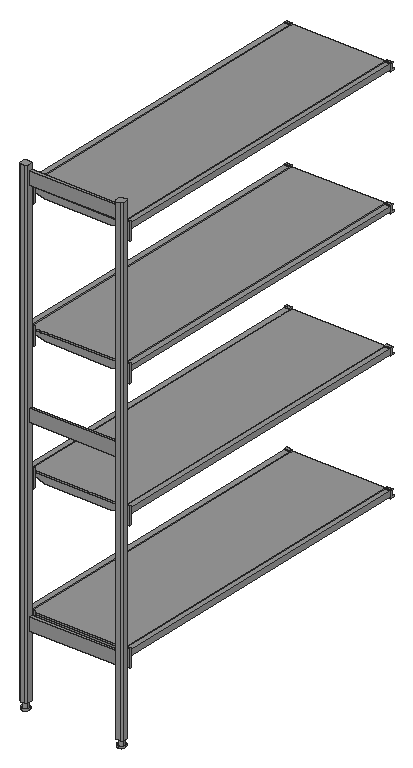
Revit family "QF_ZANUSSI_137055_ACS1184", category Attrezzature speciali, Revit 2020
Family settings
  Quota connettore circolare = Usa diametro
  Tipo di parte = Normale
  Basato su piano di lavoro = No
  Sempre verticale = Sì
  Taglio con vuoti quando caricato = No
  Condiviso = No
  Punto di calcolo locali = No
Parameters (values of type "Standard")
  Weight = 19.00 kg
  Watts = 0 W
  Volts = 0 V
  URL Manufacturer = "http://www.zanussiprofessional.com"
  URL = "http://www.zanussiprofessional.com"
  Steam Supply Size = 0 mm
  Steam Supply Minimum Pressure = 0.0 Pa
  Steam Supply Maximum Pressure = 0.0 Pa
  Steam Consumption per Hour = 0
  Refrigeration Suction Line Size = 0.0 mm
  Refrigeration Liquid Line Size = 0.0 mm
  Refrigerant Compressor Remote = yes
  Prospetto di default = 0.0 mm
  Phase = 0
  Modello = "ACS1184"
  Produttore = "Zanussi"
  Length Actual = 1188.0 mm  # constant formula
  Item Number = "137055"
  Hot Water Size = 0 mm
  Height Actual = 1700.0 mm  # constant formula
  HP = "0 HP"
  Gas Size = 0 mm
  Gas KW = 0
  Gas Input Pressure = 0 W
  Direct Waste Size = 0 mm
  Descrizione = "ALUM.CORNER SHELV.-POLY.TIERS-373X1188MM"
  Depth Actual = 373.0 mm  # constant formula
  Cycle = 0 Hz
  Condensate Return Size = 0 mm
  Compressed Air Volume = 0.0 L/s
  Compressed Air Size = 0 mm
  Compressed Air Pressure = 0.0 Pa
  Cold Water Size = 0 mm
  Accessory = yes
Reference planes
  plane 1: z = 0
  plane 2 "Center (F/B)": y = -163.5
  plane 3 "Front": y = -549.5
  plane 4 "Left": x = -217.5
  plane 5 "Right": x = 155.5
  plane 6 "TOP": z = 1700
  plane 7: y = -517.5
  plane 8: y = 634.5
  plane 9 "Center (Left/Right)": x = -31
  plane 10: y = 629.5
  plane 11: x = -186
  plane 12: x = 124
  plane 13 "FEET": z = 25
  plane 14: z = 275
  plane 15: z = 725
  plane 16: z = 1175
  plane 17: z = 1625
  plane 18 "CXLeft": y = -535.5
  plane 19: x = -200
  plane 20 "CYBack": x = -200
  plane 21 "CYFront": x = 138
  plane 22 "Back": y = 638.5
  plane 23 "LEFT_ORIGIN": x = -251.5
  plane 24 "BACK_Origin": y = 1011.5
Forms (mm)
  Extrusion 1, solid, material "QF_Aluminum"
    sketch origin (0, -549.5, 0) x (-1, 0, 0) y (0, 0, 1)
      loop
        line (198.5, 1650.994) -> (198.5, 1632.998) -> (217.5, 1632.998) -> (217.5, 1650.994) -> (198.5, 1650.994)
      loop
        line (-136.5, 1650.994) -> (-155.5, 1650.994) -> (-155.5, 1632.998) -> (-136.5, 1632.998) -> (-136.5, 1650.994)
      loop
        line (198.5, 1200.994) -> (198.5, 1182.998) -> (217.5, 1182.998) -> (217.5, 1200.994) -> (198.5, 1200.994)
      loop
        line (-136.5, 1200.994) -> (-155.5, 1200.994) -> (-155.5, 1182.998) -> (-136.5, 1182.998) -> (-136.5, 1200.994)
      loop
        line (198.5, 750.994) -> (198.5, 732.998) -> (217.5, 732.998) -> (217.5, 750.994) -> (198.5, 750.994)
      loop
        line (-136.5, 750.994) -> (-155.5, 750.994) -> (-155.5, 732.998) -> (-136.5, 732.998) -> (-136.5, 750.994)
      loop
        line (198.5, 300.994) -> (198.5, 282.998) -> (217.5, 282.998) -> (217.5, 300.994) -> (198.5, 300.994)
      loop
        line (-136.5, 300.994) -> (-155.5, 300.994) -> (-155.5, 282.998) -> (-136.5, 282.998) -> (-136.5, 300.994)
    from 32 to 1184
  Extrusion 2, solid, material "QF_Polyethylene"
    sketch origin (0, -549.5, 0) x (-1, 0, 0) y (0, 0, 1)
      loop
        line (196.507, 1650.994) -> (-134.5, 1650.994) -> (-134.5, 1644.496) -> (196.507, 1644.496) -> (196.507, 1650.994)
      loop
        line (196.507, 1200.994) -> (-134.5, 1200.994) -> (-134.5, 1194.496) -> (196.507, 1194.496) -> (196.507, 1200.994)
      loop
        line (196.507, 750.994) -> (-134.5, 750.994) -> (-134.5, 744.496) -> (196.507, 744.496) -> (196.507, 750.994)
      loop
        line (196.507, 300.994) -> (-134.5, 300.994) -> (-134.5, 294.496) -> (196.507, 294.496) -> (196.507, 300.994)
    from 32 to 1184
Lines and regions (mm)
  symbolic lines
    curve 1: line (-198.5, 634.5, 1700) -> (-198.5, -517.5, 1700)
    curve 2: line (-217.5, -521.5, 1700) -> (-217.5, 634.5, 1700)
    curve 3: line (155.5, -521.5, 1700) -> (155.5, 634.5, 1700)
    curve 4: line (-181.507, -517.5, 1700) -> (119.507, -517.5, 1700)
    curve 5: line (136.5, -517.5, 1700) -> (136.5, 634.5, 1700)
    curve 6: line (-198.5, 634.5, 1700) -> (136.5, 634.5, 1700)
Dimensions and locks
  plane 3 "Front" to plane 2 "Center (F/B)" = 386.0 mm
  locked: plane 6 "TOP" to level at 1700
  locked: plane 4 "Left" to plane 5 "Right" at 373
  locked: plane 7 to plane 8 at 1152
  locked: plane 3 "Front" to plane 7 at 32
  plane 10 to plane 8 = 5.0 mm
  locked: plane 11 to plane 12 at 310
  equal spacing: plane 11, plane 9 "Center (Left/Right)", plane 12
  equal spacing: plane 4 "Left", plane 9 "Center (Left/Right)", plane 5 "Right"
  plane 13 "FEET" to level = 25.0 mm
  plane 6 "TOP" to plane 13 "FEET" = 1675.0 mm
  plane 14 to plane 13 "FEET" = 250.0 mm
  plane 15 to plane 14 = 450.0 mm
  plane 16 to plane 15 = 450.0 mm
  plane 17 to plane 16 = 450.0 mm
  locked: plane 3 "Front" to plane 18 "CXLeft" at 14
  locked: plane 3 "Front" to plane 22 "Back" at 1188
  plane 23 "LEFT_ORIGIN" to plane 5 "Right" = 407.0 mm
  locked: plane 22 "Back" to plane 24 "BACK_Origin" at 373
  aligned and locked: level to plane 1
  aligned and locked: Extrusion 2 to plane 7
  aligned and locked: plane 8 to Extrusion 2
  aligned and locked: Extrusion 1 to plane 7
  aligned and locked: plane 8 to Extrusion 1
  aligned and locked: Extrusion 1 sketch curve to Extrusion 1 sketch curve  (x2)
  aligned and locked: nested 1 to plane 18 "CXLeft"
  aligned and locked: nested 2 to plane 10
Automatic sketch dimensions
  curve 2 to plane 4 "Left" = 0.0 mm
  curve 3 to plane 5 "Right" = 0.0 mm
  plane 7 to curve 1 = 0.0 mm
  plane 7 to curve 4 = 0.0 mm
  plane 7 to curve 5 = 0.0 mm
  plane 8 to curve 2 = 0.0 mm
  plane 8 to curve 1 = 0.0 mm
  plane 8 to curve 3 = 0.0 mm
  plane 21 "CYFront" to curve 5 = 1.5 mm
  plane 19 to curve 6 = 1.5 mm
  plane 7 to curve 3 = 4.0 mm
  plane 7 to curve 2 = 4.0 mm
  plane 12 to curve 4 = 4.493 mm
  curve 4 to plane 11 = 4.493 mm
  plane 5 "Right" to Extrusion 1 sketch curve = 0.0 mm  (x4)
  plane 4 "Left" to Extrusion 1 sketch curve = 0.0 mm  (x4)
  plane 21 "CYFront" to Extrusion 1 sketch curve = 1.5 mm  (x2)
  plane 19 to Extrusion 1 sketch curve = 1.5 mm  (x4)
  plane 14 to Extrusion 1 sketch curve = 7.998 mm  (x2)
  Extrusion 1 sketch curve to Extrusion 1 sketch curve = 17.997 mm  (x8)
  plane 15 to Extrusion 1 sketch curve = 7.998 mm  (x2)
  plane 16 to Extrusion 1 sketch curve = 7.998 mm  (x2)
  plane 17 to Extrusion 1 sketch curve = 7.998 mm  (x2)
  plane 21 "CYFront" to Extrusion 2 sketch curve = 3.5 mm  (x4)
  plane 19 to Extrusion 2 sketch curve = 3.493 mm  (x4)
  plane 14 to Extrusion 2 sketch curve = 19.496 mm
  Extrusion 2 sketch curve to Extrusion 2 sketch curve = 6.499 mm  (x4)
  plane 15 to Extrusion 2 sketch curve = 19.496 mm
  plane 16 to Extrusion 2 sketch curve = 19.496 mm
  plane 17 to Extrusion 2 sketch curve = 19.496 mm
Nested families
  nested 1: "WT_Anta373" at (-194.5, -132.5, 0) x (0, 1, 0) z (0, 0, 1), type "WT_Anta373"
  nested 2: "WT_Aggancio373" at (-194.5, 1046.5, 0) x (0, 1, 0) z (0, 0, 1), type "WT_Aggancio373"
Definition of nested family "WT_Anta373"
  Parameters
    WidthLeft = A + 64.0 mm  # 772.0 mm
    Width = 1606.0 mm
    Right = WidthLeft / 2  # 386.0 mm
    Default Elevation = 0.0 mm
    Left = -WidthLeft / 2  # -386.0 mm
    Height = 1725.0 mm
    FEET = 25.0 mm
    E = 0.0 mm
    Dint = Depth - 63.0 mm  # 310.0 mm
    Dext = Depth - 8.0 mm  # 365.0 mm
    Depth = 373.0 mm
    DX = (WidthLeft - A) / 2  # 32.0 mm
    B = 798.0 mm
    A = 708.0 mm
  Reference planes
    plane 1: z = 0
    plane 2 "LEFT": x = -417
    plane 3 "BACK": y = 23
    plane 4 "FRONT": y = -350
    plane 5 "TOP": z = 1725
    plane 6 "Center (Front/Back)": y = -163.5
    plane 7: y = -8.5
    plane 8: y = -318.5
    plane 9 "FEET": z = 25
    plane 10: z = 275
    plane 11: z = 725
    plane 12: z = 1175
    plane 13: z = 1625
    plane 14 "CXLeft": x = -403
    plane 15: y = 5.5
    plane 16 "CYBack": y = 5.5
    plane 17 "CYFront": y = -332.5
    plane 18: x = -385.031
    plane 19: x = -380.031
  Forms (mm)
    Extrusion 1, solid
      sketch origin (0, 0, 0) x (1, 0, 0) y (0, 1, 0)
        loop
          line (-417, 13.246) -> (-417, -2.246) -> (-410.746, -8.5) -> (-395.254, -8.5) -> (-389, -2.246) -> (-389, 13.246) -> (-395.254, 19.5) -> (-410.746, 19.5) -> (-417, 13.246)
      from 1725 to 25
    Extrusion 2, solid
      sketch origin (-417, 0, 0) x (0, 1, 0) y (0, 0, 1)
        loop
          line (23, 246.005) -> (23, 307.993) -> (-12.993, 307.993) -> (-12.993, 246.005) -> (23, 246.005)
        loop
          line (-350, 246.005) -> (-314.007, 246.005) -> (-314.007, 307.993) -> (-350, 307.993) -> (-350, 246.005)
        loop
          line (23, 696.005) -> (23, 757.993) -> (-12.993, 757.993) -> (-12.993, 696.005) -> (23, 696.005)
        loop
          line (-350, 696.005) -> (-314.007, 696.005) -> (-314.007, 757.993) -> (-350, 757.993) -> (-350, 696.005)
        loop
          line (23, 1146.005) -> (23, 1207.993) -> (-12.993, 1207.993) -> (-12.993, 1146.005) -> (23, 1146.005)
        loop
          line (-350, 1146.005) -> (-314.007, 1146.005) -> (-314.007, 1207.993) -> (-350, 1207.993) -> (-350, 1146.005)
        loop
          line (23, 1596.005) -> (23, 1657.993) -> (-12.993, 1657.993) -> (-12.993, 1596.005) -> (23, 1596.005)
        loop
          line (-350, 1596.005) -> (-314.007, 1596.005) -> (-314.007, 1657.993) -> (-350, 1657.993) -> (-350, 1596.005)
      from 28 to 32
    Revolve 3, solid
      sketch origin (-403, 0, 0) x (0, 1, 0) y (0, 0, 1)
        loop
          line (5.5, 25) -> (5.5, 0) -> (19, 0) -> (19, 5) -> (14, 5) -> (14, 25) -> (5.5, 25)
        axis (5.5, 25) -> (5.5, 0)
      angle from 0 to 360
    Extrusion 4, solid
      sketch origin (-403, 0, 0) x (0, 1, 0) y (0, 0, 1)
        loop
          line (-8.5, 912.382) -> (-8.5, 957.374) -> (-318.5, 957.374) -> (-318.5, 912.382) -> (-8.5, 912.382)
        loop
          line (-8.5, 1662.244) -> (-8.5, 1707.236) -> (-318.5, 1707.236) -> (-318.5, 1662.244) -> (-8.5, 1662.244)
      from -5 to 5
    Revolve 5, solid
      sketch origin (-403, -627, 0) x (0, -1, 0) y (0, 0, 1)
        loop
          line (-294.5, 25) -> (-294.5, 0) -> (-281, 0) -> (-281, 5) -> (-286, 5) -> (-286, 25) -> (-294.5, 25)
        axis (-294.5, 25) -> (-294.5, 0)
      angle from 0 to 360
    Extrusion 6, solid
      sketch origin (0, -627, 0) x (1, 0, 0) y (0, 1, 0)
        loop
          line (-417, 286.754) -> (-410.746, 280.5) -> (-395.254, 280.5) -> (-389, 286.754) -> (-389, 302.246) -> (-395.254, 308.5) -> (-410.746, 308.5) -> (-417, 302.246) -> (-417, 286.754)
      from 1725 to 25
    Extrusion 7, solid
      sketch origin (-417.031, -0.022, 0) x (0, 1, 0) y (0, 0, -1)
        loop
          line (-12, -1632.998) -> (-46, -1620.994) -> (-281, -1620.994) -> (-315, -1632.998) -> (-331, -1632.998) -> (-331, -1650.994) -> (-329, -1650.994) -> (-329, -1644.496) -> (2.007, -1644.496) -> (2.007, -1650.994) -> (4, -1650.994) -> (4, -1632.998) -> (-12, -1632.998)
        loop
          line (-12, -1182.998) -> (-46, -1170.994) -> (-281, -1170.994) -> (-315, -1182.998) -> (-331, -1182.998) -> (-331, -1200.994) -> (-329, -1200.994) -> (-329, -1194.496) -> (2.007, -1194.496) -> (2.007, -1200.994) -> (4, -1200.994) -> (4, -1182.998) -> (-12, -1182.998)
        loop
          line (-12, -732.998) -> (-46, -720.994) -> (-281, -720.994) -> (-315, -732.998) -> (-331, -732.998) -> (-331, -750.994) -> (-329, -750.994) -> (-329, -744.496) -> (2.007, -744.496) -> (2.007, -750.994) -> (4, -750.994) -> (4, -732.998) -> (-12, -732.998)
        loop
          line (-12, -282.998) -> (-46, -270.994) -> (-281, -270.994) -> (-315, -282.998) -> (-331, -282.998) -> (-331, -300.994) -> (-329, -300.994) -> (-329, -294.496) -> (2.007, -294.496) -> (2.007, -300.994) -> (4, -300.994) -> (4, -282.998) -> (-12, -282.998)
      from -32 to -37
    Extrusion 8, solid
      sketch origin (-403, 0, -659.878) x (0, 1, 0) y (0, 0, 1)
        loop
          line (-8.5, 912.382) -> (-8.5, 957.374) -> (-318.5, 957.374) -> (-318.5, 912.382) -> (-8.5, 912.382)
        loop
          line (-8.5, 1572.382) -> (-8.5, 1617.374) -> (-318.5, 1617.374) -> (-318.5, 1572.382) -> (-8.5, 1572.382)
        loop
          line (-8.5, 2322.382) -> (-8.5, 2367.374) -> (-318.5, 2367.374) -> (-318.5, 2322.382) -> (-8.5, 2322.382)
      from -5 to 5
  Lines and regions (mm)
    symbolic lines
      curve 1: line (-408, -8.5, 1725) -> (-408, -318.5, 1725)
      curve 2: line (-398, -318.5, 1725) -> (-398, -8.5, 1725)
      curve 3: line (-395.254, -8.5, 1725) -> (-410.746, -8.5, 1725)
      curve 4: line (-417, -2.246, 1725) -> (-410.746, -8.5, 1725)
      curve 5: line (-417, 13.246, 1725) -> (-417, -2.246, 1725)
      curve 6: line (-410.746, 19.5, 1725) -> (-417, 13.246, 1725)
      curve 7: line (-395.254, 19.5, 1725) -> (-410.746, 19.5, 1725)
      curve 8: line (-389, 13.246, 1725) -> (-395.254, 19.5, 1725)
      curve 9: line (-395.254, -8.5, 1725) -> (-389, -2.246, 1725)
      curve 10: line (-395.254, -318.5, 1725) -> (-410.746, -318.5, 1725)
      curve 11: line (-417, -324.754, 1725) -> (-410.746, -318.5, 1725)
      curve 12: line (-410.746, -346.5, 1725) -> (-417, -340.246, 1725)
      curve 13: line (-395.254, -346.5, 1725) -> (-410.746, -346.5, 1725)
      curve 14: line (-389, -340.246, 1725) -> (-395.254, -346.5, 1725)
      curve 15: line (-395.254, -318.5, 1725) -> (-389, -324.754, 1725)
      curve 16: line (-389, -350, 1725) -> (-389, -314.007, 1725)
      curve 17: line (-389, -314.007, 1725) -> (-385, -314.007, 1725)
      curve 18: line (-389, 23, 1725) -> (-389, -12.993, 1725)
      curve 19: line (-389, -12.993, 1725) -> (-385, -12.993, 1725)
      curve 20: line (-417, -324.754, 1725) -> (-417, -340.246, 1725)
      curve 21: line (-385, -350, 1725) -> (-385, -314.007, 1725)
      curve 22: line (-385, -350, 1725) -> (-389, -350, 1725)
      curve 23: line (-385, 23, 1725) -> (-389, 23, 1725)
      curve 24: line (-385, -12.993, 1725) -> (-385, 23, 1725)
      curve 25: line (-385.031, -13.016, 1725) -> (-385.031, -314.029, 1725)
  Dimensions and locks
    "Height": plane 5 "TOP" to level
    "Depth": plane 3 "BACK" to plane 4 "FRONT"
    "Dint": plane 7 to plane 8
    equal spacing: plane 7, plane 6 "Center (Front/Back)", plane 8
    equal spacing: plane 3 "BACK", plane 6 "Center (Front/Back)", plane 4 "FRONT"
    plane 9 "FEET" to level = 25.0 mm
    plane 5 "TOP" to plane 9 "FEET" = 1700.0 mm
    plane 10 to plane 9 "FEET" = 250.0 mm
    plane 11 to plane 10 = 450.0 mm
    plane 12 to plane 11 = 450.0 mm
    plane 13 to plane 12 = 450.0 mm
    locked: plane 2 "LEFT" to plane 14 "CXLeft" at 14
    locked: plane 3 "BACK" to plane 16 "CYBack" at 17.5
    locked: plane 17 "CYFront" to plane 4 "FRONT" at 17.5
    locked: Revolve 3 sketch curve to Revolve 3 sketch curve at 8.5
    locked: Revolve 3 sketch curve to plane 16 "CYBack" at 13.5
    locked: Revolve 5 sketch curve to Revolve 5 sketch curve at 8.5
    aligned and locked: level to plane 1
    aligned and locked: curve 20 to Extrusion 6
    aligned and locked: plane 5 "TOP" to Extrusion 1
    aligned and locked: plane 5 "TOP" to Extrusion 6
    aligned and locked: Extrusion 7 sketch curve to Extrusion 7 sketch curve  (x3)
  Automatic sketch dimensions
    curve 16 to plane 4 "FRONT" = 0.0 mm
    curve 11 to plane 8 = 0.0 mm
    curve 9 to plane 7 = 0.0 mm
    curve 5 to plane 2 "LEFT" = 0.0 mm
    curve 23 to plane 3 "BACK" = 0.0 mm
    plane 4 "FRONT" to curve 13 = 3.5 mm
    curve 20 to plane 17 "CYFront" = 7.746 mm
    curve 20 to plane 8 = 6.254 mm
    plane 8 to curve 16 = 4.493 mm
    curve 24 to plane 18 = 0.031 mm
    curve 24 to plane 7 = 4.493 mm
    plane 7 to curve 5 = 6.254 mm
    curve 5 to plane 15 = 7.746 mm
    curve 6 to plane 3 "BACK" = 3.5 mm
    curve 21 to plane 18 = 0.031 mm
    plane 18 to curve 23 = 3.969 mm
    plane 18 to curve 16 = 3.969 mm
    curve 18 to curve 8 = 6.254 mm
    curve 18 to curve 3 = 6.254 mm
    curve 16 to curve 13 = 6.254 mm
    curve 16 to curve 15 = 6.254 mm
    plane 2 "LEFT" to curve 10 = 6.254 mm
    plane 2 "LEFT" to curve 7 = 6.254 mm
    plane 2 "LEFT" to curve 12 = 6.254 mm
    plane 2 "LEFT" to curve 3 = 6.254 mm
    curve 14 to plane 17 "CYFront" = 7.746 mm
    curve 15 to plane 8 = 6.254 mm
    plane 7 to curve 9 = 6.254 mm
    curve 8 to plane 15 = 7.746 mm
    curve 3 to curve 2 = 2.746 mm
    curve 1 to curve 10 = 2.746 mm
    Extrusion 1 sketch curve to plane 2 "LEFT" = 0.0 mm
    Extrusion 1 sketch curve to plane 7 = 0.0 mm
    plane 2 "LEFT" to Extrusion 1 sketch curve = 6.254 mm  (x2)
    plane 14 "CXLeft" to Extrusion 1 sketch curve = 7.746 mm  (x2)
    Extrusion 1 sketch curve to plane 3 "BACK" = 3.5 mm
    plane 18 to Extrusion 1 sketch curve = 3.969 mm
    plane 7 to Extrusion 1 sketch curve = 6.254 mm  (x2)
    Extrusion 1 sketch curve to plane 15 = 7.746 mm  (x2)
    Extrusion 2 sketch curve to plane 4 "FRONT" = 0.0 mm  (x4)
    Extrusion 2 sketch curve to plane 3 "BACK" = 0.0 mm  (x4)
    plane 8 to Extrusion 2 sketch curve = 4.493 mm  (x4)
    Extrusion 2 sketch curve to plane 7 = 4.493 mm  (x4)
    Extrusion 2 sketch curve to plane 10 = 28.995 mm  (x2)
    plane 10 to Extrusion 2 sketch curve = 32.993 mm  (x2)
    Extrusion 2 sketch curve to plane 11 = 28.995 mm  (x2)
    plane 11 to Extrusion 2 sketch curve = 32.993 mm  (x2)
    Extrusion 2 sketch curve to plane 12 = 28.995 mm  (x2)
    plane 12 to Extrusion 2 sketch curve = 32.993 mm  (x2)
    Extrusion 2 sketch curve to plane 13 = 28.995 mm  (x2)
    plane 13 to Extrusion 2 sketch curve = 32.993 mm  (x2)
    Revolve 3 sketch curve to plane 9 "FEET" = 0.0 mm  (x2)
    Revolve 3 sketch curve to plane 15 = 0.0 mm  (x2)
    Revolve 3 sketch curve to level = 0.0 mm
    level to Revolve 3 sketch curve = 5.0 mm
    Revolve 3 sketch curve to Revolve 3 sketch curve = 11.655 mm
    Extrusion 4 sketch curve to plane 8 = 0.0 mm  (x2)
    Extrusion 4 sketch curve to plane 7 = 0.0 mm  (x2)
    plane 11 to Extrusion 4 sketch curve = 187.382 mm
    Extrusion 4 sketch curve to Extrusion 4 sketch curve = 44.992 mm
    plane 13 to Extrusion 4 sketch curve = 37.244 mm
    Extrusion 4 sketch curve to plane 5 "TOP" = 17.764 mm
    Revolve 5 sketch curve to plane 9 "FEET" = 0.0 mm  (x2)
    Revolve 5 sketch curve to plane 17 "CYFront" = 0.0 mm  (x2)
    Revolve 5 sketch curve to level = 0.0 mm
    Revolve 5 sketch curve to plane 4 "FRONT" = 4.0 mm
    Revolve 5 sketch curve to Revolve 5 sketch curve = 5.0 mm
    level to Revolve 5 sketch curve = 11.655 mm
    Extrusion 6 sketch curve to plane 2 "LEFT" = 0.0 mm
    Extrusion 6 sketch curve to plane 8 = 0.0 mm
    Extrusion 6 sketch curve to plane 2 "LEFT" = 6.254 mm  (x2)
    Extrusion 6 sketch curve to plane 14 "CXLeft" = 7.746 mm  (x2)
    Extrusion 6 sketch curve to plane 4 "FRONT" = 3.5 mm
    Extrusion 6 sketch curve to plane 18 = 3.969 mm
    plane 8 to Extrusion 6 sketch curve = 6.254 mm  (x2)
    plane 17 "CYFront" to Extrusion 6 sketch curve = 7.746 mm  (x2)
    plane 17 "CYFront" to Extrusion 7 sketch curve = 1.478 mm  (x4)
    Extrusion 7 sketch curve to Extrusion 7 sketch curve = 2.0 mm
    plane 8 to Extrusion 7 sketch curve = 3.478 mm  (x4)
    Extrusion 7 sketch curve to plane 10 = 4.006 mm
    Extrusion 7 sketch curve to Extrusion 7 sketch curve = 34.0 mm  (x4)
    Extrusion 7 sketch curve to plane 11 = 4.006 mm
    Extrusion 7 sketch curve to plane 12 = 4.006 mm
    Extrusion 7 sketch curve to plane 13 = 4.006 mm
    Extrusion 7 sketch curve to plane 7 = 37.522 mm  (x4)
    Extrusion 7 sketch curve to plane 7 = 3.522 mm  (x4)
    plane 15 to Extrusion 7 sketch curve = 3.516 mm  (x4)
    plane 15 to Extrusion 7 sketch curve = 1.522 mm  (x4)
    plane 13 to Extrusion 7 sketch curve = 7.998 mm  (x2)
    Extrusion 7 sketch curve to Extrusion 7 sketch curve = 11.498 mm
    Extrusion 7 sketch curve to Extrusion 7 sketch curve = 6.499 mm  (x5)
    plane 12 to Extrusion 7 sketch curve = 25.994 mm  (x2)
    plane 12 to Extrusion 7 sketch curve = 7.998 mm  (x2)
    plane 11 to Extrusion 7 sketch curve = 25.994 mm  (x2)
    plane 11 to Extrusion 7 sketch curve = 7.998 mm  (x2)
    plane 10 to Extrusion 7 sketch curve = 25.994 mm  (x2)
    plane 10 to Extrusion 7 sketch curve = 7.998 mm  (x2)
    curve 25 to plane 18 = 0.0 mm
    plane 8 to curve 25 = 4.471 mm
    curve 25 to plane 7 = 4.516 mm
    Extrusion 8 sketch curve to plane 8 = 0.0 mm  (x3)
    Extrusion 8 sketch curve to plane 7 = 0.0 mm  (x3)
    Extrusion 8 sketch curve to plane 10 = 22.496 mm
    plane 10 to Extrusion 8 sketch curve = 22.496 mm
    plane 11 to Extrusion 8 sketch curve = 187.504 mm
    Extrusion 8 sketch curve to Extrusion 8 sketch curve = 44.992 mm
    plane 13 to Extrusion 8 sketch curve = 37.504 mm
    Extrusion 8 sketch curve to plane 5 "TOP" = 17.504 mm
Definition of nested family "WT_Aggancio373"
  Parameters
    WidthLeft = A + 64.0 mm  # 772.0 mm
    Width = 1606.0 mm
    Right = WidthLeft / 2  # 386.0 mm
    Default Elevation = 0.0 mm
    Left = -WidthLeft / 2  # -386.0 mm
    Height = 1725.0 mm
    FEET = 25.0 mm
    E = 0.0 mm
    Dint = Depth - 63.0 mm  # 310.0 mm
    Dext = Depth - 8.0 mm  # 365.0 mm
    Depth = 373.0 mm
    DX = (WidthLeft - A) / 2  # 32.0 mm
    B = 798.0 mm
    A = 708.0 mm
  Reference planes
    plane 1: z = 0
    plane 2 "LEFT": x = -417
    plane 3 "BACK": y = 23
    plane 4 "FRONT": y = -350
    plane 5 "TOP": z = 1725
    plane 6 "Center (Front/Back)": y = -163.5
    plane 7: y = -8.5
    plane 8: y = -318.5
    plane 9 "FEET": z = 25
    plane 10: z = 275
    plane 11: z = 725
    plane 12: z = 1175
    plane 13: z = 1625
    plane 14: y = 5.5
    plane 15 "CYBack": y = 5.5
    plane 16 "CYFront": y = -332.5
  Forms (mm)
    Extrusion 1, solid
      sketch origin (-380, -0.022, 0) x (0, 1, 0) y (0, 0, 1)
        loop
          line (-12, 1632.998) -> (4, 1632.998) -> (4, 1650.994) -> (2.007, 1650.994) -> (2.007, 1644.496) -> (-329, 1644.496) -> (-329, 1650.994) -> (-331, 1650.994) -> (-331, 1632.998) -> (-315, 1632.998) -> (-281, 1620.994) -> (-46, 1620.994) -> (-12, 1632.998)
        loop
          line (-12, 1182.998) -> (4, 1182.998) -> (4, 1200.994) -> (2.007, 1200.994) -> (2.007, 1194.496) -> (-329, 1194.496) -> (-329, 1200.994) -> (-331, 1200.994) -> (-331, 1182.998) -> (-315, 1182.998) -> (-281, 1170.994) -> (-46, 1170.994) -> (-12, 1182.998)
        loop
          line (-12, 732.998) -> (4, 732.998) -> (4, 750.994) -> (2.007, 750.994) -> (2.007, 744.496) -> (-329, 744.496) -> (-329, 750.994) -> (-331, 750.994) -> (-331, 732.998) -> (-315, 732.998) -> (-281, 720.994) -> (-46, 720.994) -> (-12, 732.998)
        loop
          line (-12, 282.998) -> (4, 282.998) -> (4, 300.994) -> (2.007, 300.994) -> (2.007, 294.496) -> (-329, 294.496) -> (-329, 300.994) -> (-331, 300.994) -> (-331, 282.998) -> (-315, 282.998) -> (-281, 270.994) -> (-46, 270.994) -> (-12, 282.998)
      from -32 to -37
    Extrusion 2, solid
      sketch origin (-793.062, -324.754, 6.5) x (1, 0, 0) y (0, 0, 1)
        loop
          line (385.062, 1644.496) -> (385.062, 1647.496) -> (376.062, 1647.496) -> (376.062, 1620.994) -> (390.031, 1620.994) -> (390.031, 1626.496) -> (381.062, 1626.496) -> (381.062, 1644.496) -> (385.062, 1644.496)
        loop
          line (385.062, 1194.496) -> (385.062, 1197.496) -> (376.062, 1197.496) -> (376.062, 1170.994) -> (390.031, 1170.994) -> (390.031, 1176.496) -> (381.062, 1176.496) -> (381.062, 1194.496) -> (385.062, 1194.496)
        loop
          line (385.062, 744.496) -> (385.062, 747.496) -> (376.062, 747.496) -> (376.062, 720.994) -> (390.031, 720.994) -> (390.031, 726.496) -> (381.062, 726.496) -> (381.062, 744.496) -> (385.062, 744.496)
        loop
          line (385.062, 294.496) -> (385.062, 297.496) -> (376.062, 297.496) -> (376.062, 270.994) -> (390.031, 270.994) -> (390.031, 276.496) -> (381.062, 276.496) -> (381.062, 294.496) -> (385.062, 294.496)
      from 6.268 to 25.246
    Extrusion 3, solid
      sketch origin (-793.062, 32.754, 6.5) x (1, 0, 0) y (0, 0, 1)
        loop
          line (385.062, 1644.496) -> (385.062, 1647.496) -> (376.062, 1647.496) -> (376.062, 1620.994) -> (390.031, 1620.994) -> (390.031, 1626.496) -> (381.062, 1626.496) -> (381.062, 1644.496) -> (385.062, 1644.496)
        loop
          line (385.062, 1194.496) -> (385.062, 1197.496) -> (376.062, 1197.496) -> (376.062, 1170.994) -> (390.031, 1170.994) -> (390.031, 1176.496) -> (381.062, 1176.496) -> (381.062, 1194.496) -> (385.062, 1194.496)
        loop
          line (385.062, 744.496) -> (385.062, 747.496) -> (376.062, 747.496) -> (376.062, 720.994) -> (390.031, 720.994) -> (390.031, 726.496) -> (381.062, 726.496) -> (381.062, 744.496) -> (385.062, 744.496)
        loop
          line (385.062, 294.496) -> (385.062, 297.496) -> (376.062, 297.496) -> (376.062, 270.994) -> (390.031, 270.994) -> (390.031, 276.496) -> (381.062, 276.496) -> (381.062, 294.496) -> (385.062, 294.496)
      from 9.754 to 28.776
  Lines and regions (mm)
    symbolic lines
      curve 1: line (-412, -350, 0) -> (-408, -350, 0)
      curve 2: line (-412, -331.022, 0) -> (-412, -350, 0)
      curve 3: line (-408, -331.022, 0) -> (-412, -331.022, 0)
      curve 4: line (-408, -350, 0) -> (-408, -331.022, 0)
      curve 5: line (-412, 3.978, 0) -> (-408, 3.978, 0)
      curve 6: line (-412, 23, 0) -> (-412, 3.978, 0)
      curve 7: line (-408, 23, 0) -> (-412, 23, 0)
      curve 8: line (-408, 3.978, 0) -> (-408, 23, 0)
  Dimensions and locks
    "Height": plane 5 "TOP" to level
    "Depth": plane 3 "BACK" to plane 4 "FRONT"
    "Dint": plane 7 to plane 8
    equal spacing: plane 7, plane 6 "Center (Front/Back)", plane 8
    equal spacing: plane 3 "BACK", plane 6 "Center (Front/Back)", plane 4 "FRONT"
    plane 9 "FEET" to level = 25.0 mm
    plane 5 "TOP" to plane 9 "FEET" = 1700.0 mm
    plane 10 to plane 9 "FEET" = 250.0 mm
    plane 11 to plane 10 = 450.0 mm
    plane 12 to plane 11 = 450.0 mm
    plane 13 to plane 12 = 450.0 mm
    locked: plane 3 "BACK" to plane 15 "CYBack" at 17.5
    locked: plane 16 "CYFront" to plane 4 "FRONT" at 17.5
    aligned and locked: level to plane 1
    aligned and locked: Extrusion 1 sketch curve to Extrusion 1 sketch curve  (x3)
  Automatic sketch dimensions
    plane 16 "CYFront" to Extrusion 1 sketch curve = 1.478 mm  (x4)
    Extrusion 1 sketch curve to Extrusion 1 sketch curve = 2.0 mm
    plane 8 to Extrusion 1 sketch curve = 3.478 mm  (x4)
    Extrusion 1 sketch curve to plane 10 = 4.006 mm
    Extrusion 1 sketch curve to Extrusion 1 sketch curve = 34.0 mm  (x4)
    Extrusion 1 sketch curve to plane 11 = 4.006 mm
    Extrusion 1 sketch curve to plane 12 = 4.006 mm
    Extrusion 1 sketch curve to plane 13 = 4.006 mm
    Extrusion 1 sketch curve to plane 7 = 37.522 mm  (x4)
    Extrusion 1 sketch curve to plane 7 = 3.522 mm  (x4)
    plane 14 to Extrusion 1 sketch curve = 3.516 mm  (x4)
    plane 14 to Extrusion 1 sketch curve = 1.522 mm  (x4)
    plane 10 to Extrusion 1 sketch curve = 7.998 mm  (x2)
    Extrusion 1 sketch curve to Extrusion 1 sketch curve = 11.498 mm  (x4)
    Extrusion 1 sketch curve to Extrusion 1 sketch curve = 6.499 mm  (x8)
    plane 11 to Extrusion 1 sketch curve = 7.998 mm  (x2)
    plane 12 to Extrusion 1 sketch curve = 7.998 mm  (x2)
    plane 13 to Extrusion 1 sketch curve = 7.998 mm  (x2)
    plane 2 "LEFT" to Extrusion 2 sketch curve = 0.0 mm  (x4)
    plane 13 to Extrusion 2 sketch curve = 7.996 mm
    plane 11 to Extrusion 2 sketch curve = 7.996 mm
    Extrusion 2 sketch curve to Extrusion 2 sketch curve = 5.0 mm  (x4)
    plane 11 to Extrusion 2 sketch curve = 2.494 mm
    plane 10 to Extrusion 2 sketch curve = 28.996 mm
    Extrusion 2 sketch curve to Extrusion 2 sketch curve = 3.0 mm  (x4)
    plane 10 to Extrusion 2 sketch curve = 7.996 mm
    plane 10 to Extrusion 2 sketch curve = 2.494 mm
    Extrusion 2 sketch curve to Extrusion 2 sketch curve = 18.0 mm  (x3)
    plane 12 to Extrusion 2 sketch curve = 2.494 mm
    plane 12 to Extrusion 2 sketch curve = 7.996 mm
    plane 13 to Extrusion 2 sketch curve = 2.494 mm
    plane 2 "LEFT" to Extrusion 3 sketch curve = 0.0 mm  (x4)
    plane 13 to Extrusion 3 sketch curve = 7.996 mm
    plane 11 to Extrusion 3 sketch curve = 7.996 mm
    Extrusion 3 sketch curve to Extrusion 3 sketch curve = 5.0 mm  (x4)
    plane 11 to Extrusion 3 sketch curve = 2.494 mm
    plane 10 to Extrusion 3 sketch curve = 28.996 mm
    Extrusion 3 sketch curve to Extrusion 3 sketch curve = 3.0 mm  (x4)
    plane 10 to Extrusion 3 sketch curve = 7.996 mm
    plane 10 to Extrusion 3 sketch curve = 2.494 mm
    Extrusion 3 sketch curve to Extrusion 3 sketch curve = 18.0 mm  (x3)
    plane 12 to Extrusion 3 sketch curve = 2.494 mm
    plane 12 to Extrusion 3 sketch curve = 7.996 mm
    plane 13 to Extrusion 3 sketch curve = 2.494 mm
    plane 2 "LEFT" to curve 1 = 5.0 mm
    plane 2 "LEFT" to curve 7 = 5.0 mm
    curve 1 to plane 16 "CYFront" = 17.5 mm
    curve 3 to plane 8 = 12.522 mm
    plane 7 to curve 5 = 12.478 mm
    curve 7 to plane 14 = 17.5 mm
    curve 5 to curve 5 = 4.0 mm
    curve 1 to curve 4 = 4.0 mm
    Extrusion 2 sketch curve to Extrusion 2 sketch curve = 4.0 mm  (x4)
    Extrusion 2 sketch curve to Extrusion 2 sketch curve = 8.969 mm  (x4)
    Extrusion 3 sketch curve to Extrusion 3 sketch curve = 4.0 mm  (x4)
    Extrusion 3 sketch curve to Extrusion 3 sketch curve = 8.969 mm  (x4)
